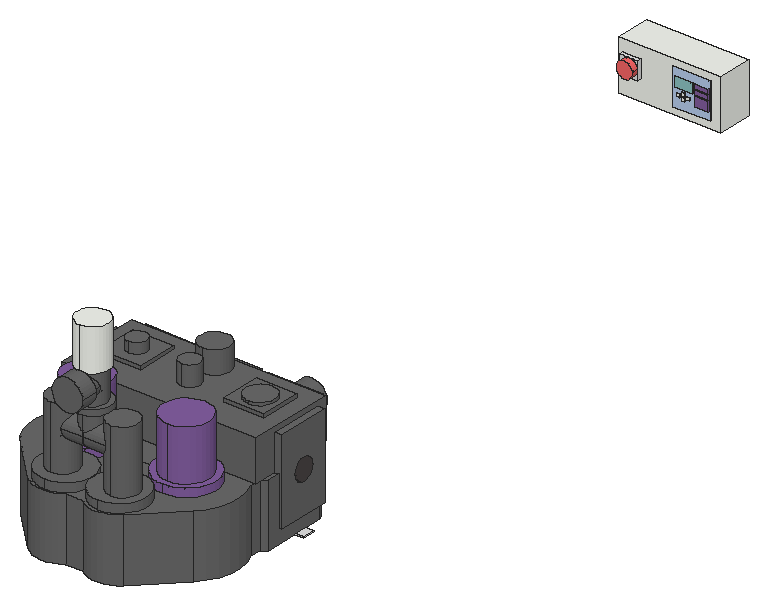
Revit family "28766", category Generic Models, Revit 2021
Family settings
  Can host rebar = No
  Round Connector Dimension = Use Diameter
  Part Type = Normal
  Work Plane-Based = No
  Always vertical = Yes
  Cut with Voids When Loaded = No
  Shared = Yes
  Room Calculation Point = No
Parameters (values of type "28766")
  SUPPLIER = "KESSEL"
  SA700ID50 = "intern"
  SA700ID49 = "Protection Class I"
  SA700ID48 = "no"
  SA700ID47 = "no"
  SA700ID46 = "yes"
  SA700ID37 = 8000 mm
  SA700ID34 = 40
  SA700ID33 = 1.4 W
  SA700ID32 = 79.00 kg
  SA700ID31 = 1
  SA700ID30 = 2
  SA700ID29 = "RWDR"
  SA700ID21 = 800
  SA700ID10 = "yes"
  SA700ID08 = 400 V
  PROCUREWEBLINK = "https://p.caden.as/kessel/28766"
  PROCURELINK = "p.caden.as/kessel/28766"
  PROCUREDATALASTUPDATE = "2024-05-22T12:18:08.412085143+01:00"
  PRC_SPECIFICATIONLINK = "https://ausschreiben.de/catalog/kessel/catalogItem/84d4d18d-e1f9-4f41-a58a-e49d15bceeb0"
  NN = "Lifting station Aqualift F"
  NBSYN = "$SA810ID03."
  NB = "28766"
  Model = "28766"
  Manufacturer = "KESSEL"
  MIdent = "{$CADENAS_DATA/23d-libs/kessel/kessel_vdi_import/4/entwaesserung/hebeanlage20aqualift20f.prj},198 {STYP=ASS},{VTYP=3D},{NB=28766},{LINA=28766},{NN=Lifting station Aqualift F},{DATE=21.11.2022 10:45:45},{GEOMDATE=21.11.2022 10:45:45},{VERSION=},{LINEID=260},{WBVAR=LODLEVEL},{WBNUMERIC=LODLEVEL}  {NB=28766},{LINA=28766},{KT=DUMMY},{PREVIEW=../../bilder/ksb_w_28766.png},{SA700ID04=Hebeanlage Aqualift F Duo, Comfort, SPF 1500-S3, Schieber},{SA810ID06=04026092054574},{SA700ID34=40.00},{SA010ID03=201805},{SA810ID03=28766},{SA810ID10=Die Hebeanlage für fäkalienhaltiges und fäkalienfreies Abwasser ist mit zwei überflutbaren Pumpen sowie einem Rückflussverhinderer ausgestattet. Der Sammelbehälter aus dauerhaft beständigem Kunststoff (PE) bietet universale Anschlussmöglichkeiten und hat eine verschraubte Reinigungsöffnung.Die Steuerung erfolgt durch ein anwenderfreundliches Schaltgerät, das optional über einen potentialfreien Kontakt in die Gebäudeleittechnik eingebunden werden oder Alarm- und Sammelstörmeldungen über eine GSM-Schnittstelle (Comfort Schaltgerät) ausgeben kann.Ausführung:Absperreinrichtung: Schieber aus KunststoffAnlagenart: DoppelanlagePumpensteuerung: SchaltgerätRückflussverhinderer: integriertSchalldämmmatte: jaEinbausituation: freie AufstellungAbwasserart: fäkalienhaltigAllgemeine Merkmale:Farbe: schwarzNorm: EN 12050-1Abmessungen:Länge: 773 mmBreite: 780 mmHöhe: 788 mmBehälter/Grundkörper:Zulauf Anzahl: 2 STZulauf Nennweite (DN): 100 mmZulauf Nennweite (DA): 110 mmZulauf max. Anbohrung (DN): 150 mmAbstand Rohrsohle Zulauf zu Behälterboden: 245 mmAbstand Rohrmitte Zulauf zu Behälterboden: 300 mmAnschluss für Handmembranpumpe (DN): 32Behältervolumen: 120 lDruckabgang: waagerechtDruckabgang (DA): 110 mmDruckabgang (DN): 100 mmEntlüftungsanschluss (DN): 70 mmNutzvolumen: 50 lFreier Kugeldurchgang: 40 mmFördereinrichtung:Pumpe: SPF 1500Anzahl Pumpen: 2Förderhöhe max.: 8 mFörderleistung max.: 40 m3/hBetriebsart: S3 - 50 %Leistung P1: 1,4 kWLeistung P2: 1,1 kWDrehzahl: 1.415 U/minFörderguttemperatur (dauerhaft) max.: 40 °CAnschlusstyp: DirektanschlussGewicht: 24 kgLaufrad Typ: FreistromradLänge Netzanschlussleitung Pumpe: 5 mNennstrom: 2,7 ASchutzart Pumpe: IP 68 (3m/48h)Schutzklasse: ITyp Anschlussleitung Pumpe: H07RN-F 7G 1,5 mm2Temperaturüberwachung: integriertSteuerung:Schaltgerät: ComfortBetriebsspannung: 400 VNetzfrequenz: 50 HzSelbstdiagnosesystem (SDS): jaBatteriepufferung: jaMehrzeilige Displayanzeige: jaLogbuchfunktion: jaGSM-Schnittstelle: jaPotentialfreier Kontakt: jaErforderliche Absicherung (Leitungsschutz): 3 x C 16 AMotorschutz Schalter: jaSchutzart Schaltgerät: IP 54Länge Netzanschlussleitung Schaltgerät: 0 mArt Niveauerfassung: pneumatischInstrument Niveauerfassung: Tauchrohr mit DruckwächterAlarmgeber: Tauchrohr},{SA700ID37=8.00},{SA700ID33=1.40},{SA700ID08=400},{SA700ID30=2},{SA700ID32=79.00},{SA700ID49=Schutzklasse I},{SA700ID50=intern},{SA200ID03=6},{SA250ID03=vertikal},{SA260ID03=Trockenläuferpumpe},{SA350ID03=normalansaugend},{SA400ID03=E-Motor für Drehstrom},{SA460ID03=direkt},{SA500ID03=Kunststoff, Edelstahl},{SA700ID06=100},{SA700ID07=100},{SA700ID09=3/N/PE 400V},{SA700ID10=Ja},{SA700ID11=50},{SA700ID12=IP 68},{SA700ID13=F},{SA700ID15=40},{SA700ID21=800.00},{SA700ID22=1.10},{SA700ID23=1415},{SA700ID24=1415},{SA700ID26=2.70},{SA700ID27=21.00},{SA700ID28=durchgehend},{SA700ID29=RWDR},{SA700ID31=1},{SA700ID46=ja},{SA700ID47=nein},{SA700ID48=nein},{SA110ID04=Hebeanlage Aqualift F},{SA300ID03=einstufig},{SA700ID44=10.00},{SA700ID45=10.00},{SA010ID04=KESSEL AG},{LODLEVEL=200},{LINK=https://www.kessel.de/info?han=28766},{SA970ID01=970},{SA970ID02=7097},{SA970ID03=28766},{SA970ID04=11002617},{SA970ID05=QUAD},{SA970ID06=-409.99},{SA970ID07=-686},{SA970ID08=0},{SA970ID09=1},{SA970ID10=0},{SA970ID11=0},{SA970ID12=0},{SA970ID13=1},{SA970ID14=0},{SA970ID15=819.99},{SA970ID16=851},{SA970ID17=798.99},{LODLEVEL_=200,'Low'},{LODLEVEL_DEU=200,'Low'},{LINK_=https://www.kessel.de/info?han=28766},{LINK_DEU=https://www.kessel.de/info?han=28766},{LODLEVEL_3DB=28766_200},{DNIN1=100},{DNIN2=70},{DNIN3=10},{DNIN4=10},{DNIN5=10},{DNIN6=50},{DNIN7=50},{DNIN8=50},{DNIN9=50},{DNOUT1=100},{DNOUT2=70},{DNOUT3=32},{ISDIN1=75},{ISDIN2=83.200},{ISDIN3=10},{ISDOUT1=60.000},{ISDOUT2=73.200},{ISDOUT3=75},{SA010ID01=010},{SA010ID02=4},{SA010ID06=www.kessel.de},{SA010ID07=www.kessel.de},{SA010ID12=20180713},{SA010ID13=DEU},{SA010ID14=DE},{SA100ID01=100},{SA100ID02=4},{SA100ID04=Entwässerung},{SA110ID01=110},{SA110ID02=4},{SA200ID01=200},{SA200ID02=6},{SA250ID01=250},{SA250ID02=2},{SA260ID01=260},{SA260ID02=2},{SA300ID01=300},{SA300ID02=1},{SA350ID01=350},{SA350ID02=1},{SA400ID01=400},{SA400ID02=2},{SA460ID01=460},{SA460ID02=1},{SA500ID01=500},{SA500ID02=1},{SA700ID01=700},{SA700ID02=25},{SA700ID10_=1},{SA700ID16=0},{SA700ID25=0},{SA700ID46_=1},{SA700ID47_=0},{SA700ID48_=0},{SA700ID49_=1},{SA700ID50_=2},{SA800ID01=800},{SA800ID02=25},{SA810ID01=810},{SA810ID02=25},{SA810ID04=28766},{SA810ID07=25},{SA810ID09=1},{SA810ID14=PCE},{SA810ID15=1},{SA810ID16=NMP},{SA960ID03=25},{SA960ID04=3L},{SA960ID08=https://www.kessel.de/info?han=28766},{SA010ID08=4026092000007},{SA100ID05=Hebeanlage},{SA110ID06=Hebeanlage}"
  LINK = "https://www.kessel.de/info?han=28766"
  LINA = "28766"
  Default Elevation = 0 mm
  CREATOR = "CADENAS GmbH"
  CATALOG = "KESSEL"
  BOMINFO = "LINA"
  ARTICLENO = "NB"
  4.810.00.9 Order quantity (multiplicator) = "1"
  4.810.00.7 Media- connection number = "25"
  4.810.00.6 GTIN number = "04026092054574"
  4.810.00.4 DATANORM number = "28766"
  4.810.00.3 Producer order number = "28766"
  4.710.03.7 Mass (net) = 79.00 kg
  4.710.03.6 Height = 788 mm
  4.710.03.5 Width = 780 mm
  4.710.03.4 Length = 773 mm
  4.710.03.3 Type of dimensions = "2"
  4.710.02.8 Area of application of wastewater pump = "1"
  4.710.02.7 Art des S2/S3-Betriebs = "50 %"
  4.710.02.6 Duty type = "S3"
  4.710.02.5 Cutting device = "0"
  4.710.02.4 Attached pump control = "1"
  4.710.02.3 Free passage = 40 mm
  4.710.01.6 Option to connect to building automation = "40"
  4.710.01.5 Load regulation = "0"
  4.710.01.4 Designation of closed-loop control = "50"
  4.710.01.3 Identifier for closed-loop control = "120"
  4.700.00.9 Voltage = 0
  4.700.00.8 Nominal connection size on suction side = "100"
  4.700.00.7 Nominal connection size on pressure side = "100"
  4.700.00.6 Type of connection = "100"
  4.700.00.4 Product indentification = "Hebeanlage Aqualift F Duo, Comfort, SPF 1500-S3, Schieber"
  4.700.00.28 Motor pump shaft = "durchgehend"
  4.700.00.27 Starting current = 21
  4.700.00.26 Maximum power consumption per pump / drive = 2.7
  4.700.00.25 Minimum speed at internal speed adjustment = 0
  4.700.00.24 Nominal speed / maximum speed n = 23.5833
  4.700.00.23 Nominal speed of motor = 23.5833
  4.700.00.22 Maximum shaft output (P2) per pump/drive = 1.1 W
  4.700.00.16 Maximum temperature of pumped medium = 0 °C
  4.700.00.15 Increased safety class = "40 °C"
  4.700.00.13 Type of protection = "F"
  4.700.00.12 Frequency = 0
  4.700.00.11 Stern-/Dreieck-Anlaufschaltung bei Dreiphasenanschluss oder Drehstrom = "50 Hz"
  4.700.00.10 Phase = "1"
  4.500.00.3 Variant / Variant type / Accessories-name = "Kunststoff, Edelstahl"
  4.460.00.3 Variant / Variant type / Accessories-name = "direkt"
  4.400.00.3 Variant / Variant type / Accessories-name = "E-Motor für Drehstrom"
  4.350.00.3 Variant / Variant type / Accessories-name = "normalansaugend"
  4.300.00.3 Variant / Variant type / Accessories-name = "einstufig"
  4.260.00.3 Variant / Variant type / Accessories-name = "Trockenläuferpumpe"
  4.250.00.3 Variant / Variant type / Accessories-name = "vertikal"
  4.200.00.3 Variant / Variant type / Accessories-name = "6"
  4.110.00.6 Product classification = "Hebeanlage"
  4.110.00.4 Product indentification = "Hebeanlage Aqualift F"
  4.100.00.5 Main groups of wares = "Hebeanlage"
  4.100.00.4 Product indentification = "Entwässerung"
  4.010.00.8 Producer ID number = "4026092000007"
  4.010.00.7 Comment = "www.kessel.de"
  4.010.00.6 Web address of the manufacturer = "www.kessel.de"
  4.010.00.4 Manufacturer name = "KESSEL AG"
  4.010.00.3 Date of issuance (month) of guideline = "201805"
  4.010.00.2 Sheet number of the guideline = "4"
  4.010.00.14 Kennungen der Projektländer, für die die Datei gültig ist = "DE"
  4.010.00.13 Sprache der Datei = "DEU"
  4.010.00.12 Stand des Herstellerkatalogs = "20180713"
Reference planes
  plane 1 "Center (Front/Back)": y = 0
  plane 2: z = 0
  plane 3 "Center (Left/Right)": x = 0
Forms (mm)
  Extrusion 1, void
    sketch origin (390.5, -74.999, 214) x (0, -1, 0) y (0, 0, 1)
      loop
        line (-0.5, -0.5) -> (0.5, -0.5) -> (0.5, 0.5) -> (-0.5, 0.5) -> (-0.5, -0.5)
    from 0 to 1
  Extrusion 2, void
    sketch origin (0.999, 95.5, 214) x (1, 0, 0) y (0, 0, 1)
      loop
        line (-0.5, -0.5) -> (0.5, -0.5) -> (0.5, 0.5) -> (-0.5, 0.5) -> (-0.5, -0.5)
    from 0 to 1
  Extrusion 3, void
    sketch origin (-230.25, 90.49, 214) x (1, 0, 0) y (0, 0, 1)
      loop
        line (-0.5, -0.5) -> (0.5, -0.5) -> (0.5, 0.5) -> (-0.5, 0.5) -> (-0.5, -0.5)
    from 0 to 1
  Extrusion 4, void
    sketch origin (-390.5, -75, 214) x (0, 1, 0) y (0, 0, 1)
      loop
        line (-0.5, -0.5) -> (0.5, -0.5) -> (0.5, 0.5) -> (-0.5, 0.5) -> (-0.5, -0.5)
    from 0 to 1
Dimensions and locks
  locked: plane 2 to Extrusion 1 at 214.5
  locked: plane 2 to Extrusion 1 at 213.5
  locked: plane 2 to Extrusion 2 at 214.5
  locked: plane 2 to Extrusion 2 at 213.5
  locked: plane 2 to Extrusion 3 at 214.5
  locked: plane 2 to Extrusion 3 at 213.5
  locked: plane 2 to Extrusion 4 at 214.5
  locked: plane 2 to Extrusion 4 at 213.5
  aligned and locked: level to plane 2
Nested families
  nested 1: "28766_content" at (0, 0, 0), type "28766_Content"
  nested 2: "28766_part1_X0Y0" at (1000, 1000, 1200), type "28766_PART1_X0Y0"
  nested 3: "28766_part2_X0Y0" at (0, 0, 0), type "28766_PART2_X0Y0"
Connectors
  electrical at (861, 933, 1201.5)
    settings: on nested 2, index 1, voltage 0 V, apparent load 0 VA, apparent load phase1 0 VA, apparent load phase2 0 VA, apparent load phase3 0 VA, power factor 1, load classification "Other", number of poles 1, system type 31, power factor state 1, is connector primary yes, connector utility no, sub classification motor no, connector description ""
  piping at (0, 0, 471), diameter 100
    settings: on nested 3, index 2, connector inside diameter 609.6 mm, connector length 0 mm, flow factor 0, pipe flow 0.0 L/s, pressure drop 0.0 Pa, fitting loss kfactor 0, connector angle 0.00°, fixture units 0, engagement length 0 mm, angle of deflection 0.00°, flow configuration 0, flow direction 1, fitting loss method 2, system type 29, joint type 0, gender type 0, connector reference index -1, connector utility 0, adjustable connector no, is connector primary yes, connector description ""
  piping at (390.5, -74.999, 214), diameter 70
    settings: on Extrusion 1, index 3, connector inside diameter 609.6 mm, connector length 0 mm, flow factor 0, pipe flow 0.0 L/s, pressure drop 0.0 Pa, fitting loss kfactor 0, connector angle 0.00°, fixture units 0, engagement length 0 mm, angle of deflection 0.00°, flow configuration 0, flow direction 0, fitting loss method 2, system type 29, joint type 0, gender type 0, connector reference index -1, connector utility 0, adjustable connector no, is connector primary no, connector description ""
  piping at (230, 164.99, 301), diameter 100
    settings: on nested 3, index 4, connector inside diameter 609.6 mm, connector length 0 mm, flow factor 0, pipe flow 0.0 L/s, pressure drop 0.0 Pa, fitting loss kfactor 0, connector angle 0.00°, fixture units 0, engagement length 0 mm, angle of deflection 0.00°, flow configuration 0, flow direction 1, fitting loss method 2, system type 29, joint type 0, gender type 0, connector reference index -1, connector utility 0, adjustable connector no, is connector primary no, connector description ""
  piping at (0.999, 95.5, 214), diameter 70
    settings: on Extrusion 2, index 5, connector inside diameter 609.6 mm, connector length 0 mm, flow factor 0, pipe flow 0.0 L/s, pressure drop 0.0 Pa, fitting loss kfactor 0, connector angle 0.00°, fixture units 0, engagement length 0 mm, angle of deflection 0.00°, flow configuration 0, flow direction 0, fitting loss method 2, system type 29, joint type 0, gender type 0, connector reference index -1, connector utility 0, adjustable connector no, is connector primary no, connector description ""
  piping at (-230.25, 90.49, 214), diameter 70
    settings: on Extrusion 3, index 6, connector inside diameter 609.6 mm, connector length 0 mm, flow factor 0, pipe flow 0.0 L/s, pressure drop 0.0 Pa, fitting loss kfactor 0, connector angle 0.00°, fixture units 0, engagement length 0 mm, angle of deflection 0.00°, flow configuration 0, flow direction 0, fitting loss method 2, system type 29, joint type 0, gender type 0, connector reference index -1, connector utility 0, adjustable connector no, is connector primary no, connector description ""
  piping at (-390.5, -75, 214), diameter 70
    settings: on Extrusion 4, index 7, connector inside diameter 609.6 mm, connector length 0 mm, flow factor 0, pipe flow 0.0 L/s, pressure drop 0.0 Pa, fitting loss kfactor 0, connector angle 0.00°, fixture units 0, engagement length 0 mm, angle of deflection 0.00°, flow configuration 0, flow direction 0, fitting loss method 2, system type 29, joint type 0, gender type 0, connector reference index -1, connector utility 0, adjustable connector no, is connector primary no, connector description ""
  piping at (0, -115, 461), diameter 70
    settings: on nested 3, index 8, connector inside diameter 609.6 mm, connector length 0 mm, flow factor 0, pipe flow 0.0 L/s, pressure drop 0.0 Pa, fitting loss kfactor 0, connector angle 0.00°, fixture units 0, engagement length 0 mm, angle of deflection 0.00°, flow configuration 0, flow direction 2, fitting loss method 2, system type 29, joint type 0, gender type 0, connector reference index -1, connector utility 0, adjustable connector no, is connector primary no, connector description ""
  piping at (230, 164.99, 81.07), diameter 32
    settings: on nested 3, index 9, connector inside diameter 609.6 mm, connector length 0 mm, flow factor 0, pipe flow 0.0 L/s, pressure drop 0.0 Pa, fitting loss kfactor 0, connector angle 0.00°, fixture units 0, engagement length 0 mm, angle of deflection 0.00°, flow configuration 0, flow direction 2, fitting loss method 2, system type 29, joint type 0, gender type 0, connector reference index -1, connector utility 0, adjustable connector no, is connector primary no, connector description ""
  piping at (0, -686, 591), diameter 100
    settings: on nested 3, index 10, connector inside diameter 609.6 mm, connector length 0 mm, flow factor 0, pipe flow 0.0 L/s, pressure drop 0.0 Pa, fitting loss kfactor 0, connector angle 0.00°, fixture units 0, engagement length 0 mm, angle of deflection 0.00°, flow configuration 0, flow direction 2, fitting loss method 2, system type 29, joint type 0, gender type 0, connector reference index -1, connector utility 0, adjustable connector no, is connector primary no, connector description ""
  electrical at (185, -365, 457)
    settings: on nested 3, index 11, voltage 0 V, apparent load 0 VA, apparent load phase1 0 VA, apparent load phase2 0 VA, apparent load phase3 0 VA, power factor 1, load classification "Other", number of poles 1, system type 31, power factor state 1, is connector primary no, connector utility no, sub classification motor no, connector description ""
  electrical at (-185, -364.75, 457)
    settings: on nested 3, index 12, voltage 0 V, apparent load 0 VA, apparent load phase1 0 VA, apparent load phase2 0 VA, apparent load phase3 0 VA, power factor 1, load classification "Other", number of poles 1, system type 31, power factor state 1, is connector primary no, connector utility no, sub classification motor no, connector description ""
  electrical at (-230.6, -74.8, 436.49)
    settings: on nested 3, index 13, voltage 0 V, apparent load 0 VA, apparent load phase1 0 VA, apparent load phase2 0 VA, apparent load phase3 0 VA, power factor 1, load classification "Other", number of poles 1, system type 31, power factor state 1, is connector primary no, connector utility no, sub classification motor no, connector description ""
Definition of nested family "28766_part1_X0Y0"
  Parameters (values of type "28766_PART1_X0Y0")
    SUPPLIER = "KESSEL"
    SA700ID50 = "intern"
    SA700ID49 = "Protection Class I"
    SA700ID48 = "no"
    SA700ID47 = "no"
    SA700ID46 = "yes"
    SA700ID37 = 8000 mm
    SA700ID34 = 40
    SA700ID33 = 1.4 W
    SA700ID32 = 79.00 kg
    SA700ID31 = 1
    SA700ID30 = 2
    SA700ID29 = "RWDR"
    SA700ID21 = 800
    SA700ID10 = "yes"
    SA700ID08 = 400 V
    NBSYN = "$SA810ID03._PART1"
    NB = "28766_PART1"
    Model = "28766_PART1"
    Manufacturer = "KESSEL"
    MIdent = "{$CADENAS_DATA/23d-libs/kessel/kessel_vdi_import/4/entwaesserung/hebeanlage20aqualift20f.prj},218 {VTYP=3D},{NB=28766_PART1},{LINA=28766_PART1},{NN=Lifting station Aqualift F_PART1},{NOPRJ=TRUE},{DATE=21.11.2022 10:45:45},{GEOMDATE=21.11.2022 10:45:45},{VERSION=},{LINEID=260},{WBVAR=LODLEVEL},{WBNUMERIC=LODLEVEL}  {NB=28766_PART1},{LINA=28766_PART1},{KT=DUMMY},{PREVIEW=../../bilder/ksb_w_28766.png},{SA700ID04=Hebeanlage Aqualift F Duo, Comfort, SPF 1500-S3, Schieber},{SA810ID06=04026092054574},{SA700ID34=40.00},{SA010ID03=201805},{SA810ID03=28766},{SA810ID10=Die Hebeanlage für fäkalienhaltiges und fäkalienfreies Abwasser ist mit zwei überflutbaren Pumpen sowie einem Rückflussverhinderer ausgestattet. Der Sammelbehälter aus dauerhaft beständigem Kunststoff (PE) bietet universale Anschlussmöglichkeiten und hat eine verschraubte Reinigungsöffnung.Die Steuerung erfolgt durch ein anwenderfreundliches Schaltgerät, das optional über einen potentialfreien Kontakt in die Gebäudeleittechnik eingebunden werden oder Alarm- und Sammelstörmeldungen über eine GSM-Schnittstelle (Comfort Schaltgerät) ausgeben kann.Ausführung:Absperreinrichtung: Schieber aus KunststoffAnlagenart: DoppelanlagePumpensteuerung: SchaltgerätRückflussverhinderer: integriertSchalldämmmatte: jaEinbausituation: freie AufstellungAbwasserart: fäkalienhaltigAllgemeine Merkmale:Farbe: schwarzNorm: EN 12050-1Abmessungen:Länge: 773 mmBreite: 780 mmHöhe: 788 mmBehälter/Grundkörper:Zulauf Anzahl: 2 STZulauf Nennweite (DN): 100 mmZulauf Nennweite (DA): 110 mmZulauf max. Anbohrung (DN): 150 mmAbstand Rohrsohle Zulauf zu Behälterboden: 245 mmAbstand Rohrmitte Zulauf zu Behälterboden: 300 mmAnschluss für Handmembranpumpe (DN): 32Behältervolumen: 120 lDruckabgang: waagerechtDruckabgang (DA): 110 mmDruckabgang (DN): 100 mmEntlüftungsanschluss (DN): 70 mmNutzvolumen: 50 lFreier Kugeldurchgang: 40 mmFördereinrichtung:Pumpe: SPF 1500Anzahl Pumpen: 2Förderhöhe max.: 8 mFörderleistung max.: 40 m3/hBetriebsart: S3 - 50 %Leistung P1: 1,4 kWLeistung P2: 1,1 kWDrehzahl: 1.415 U/minFörderguttemperatur (dauerhaft) max.: 40 °CAnschlusstyp: DirektanschlussGewicht: 24 kgLaufrad Typ: FreistromradLänge Netzanschlussleitung Pumpe: 5 mNennstrom: 2,7 ASchutzart Pumpe: IP 68 (3m/48h)Schutzklasse: ITyp Anschlussleitung Pumpe: H07RN-F 7G 1,5 mm2Temperaturüberwachung: integriertSteuerung:Schaltgerät: ComfortBetriebsspannung: 400 VNetzfrequenz: 50 HzSelbstdiagnosesystem (SDS): jaBatteriepufferung: jaMehrzeilige Displayanzeige: jaLogbuchfunktion: jaGSM-Schnittstelle: jaPotentialfreier Kontakt: jaErforderliche Absicherung (Leitungsschutz): 3 x C 16 AMotorschutz Schalter: jaSchutzart Schaltgerät: IP 54Länge Netzanschlussleitung Schaltgerät: 0 mArt Niveauerfassung: pneumatischInstrument Niveauerfassung: Tauchrohr mit DruckwächterAlarmgeber: Tauchrohr},{SA700ID37=8.00},{SA700ID33=1.40},{SA700ID08=400},{SA700ID30=2},{SA700ID32=79.00},{SA700ID49=Schutzklasse I},{SA700ID50=intern},{SA200ID03=6},{SA250ID03=vertikal},{SA260ID03=Trockenläuferpumpe},{SA350ID03=normalansaugend},{SA400ID03=E-Motor für Drehstrom},{SA460ID03=direkt},{SA500ID03=Kunststoff, Edelstahl},{SA700ID06=100},{SA700ID07=100},{SA700ID09=3/N/PE 400V},{SA700ID10=Ja},{SA700ID11=50},{SA700ID12=IP 68},{SA700ID13=F},{SA700ID15=40},{SA700ID21=800.00},{SA700ID22=1.10},{SA700ID23=1415},{SA700ID24=1415},{SA700ID26=2.70},{SA700ID27=21.00},{SA700ID28=durchgehend},{SA700ID29=RWDR},{SA700ID31=1},{SA700ID46=ja},{SA700ID47=nein},{SA700ID48=nein},{SA110ID04=Hebeanlage Aqualift F},{SA300ID03=einstufig},{SA700ID44=10.00},{SA700ID45=10.00},{SA010ID04=KESSEL AG},{LODLEVEL=200},{LINK=https://www.kessel.de/info?han=28766},{SA970ID01=970},{SA970ID02=7097},{SA970ID03=28766},{SA970ID04=11002617},{SA970ID05=QUAD},{SA970ID06=-409.99},{SA970ID07=-686},{SA970ID08=0},{SA970ID09=1},{SA970ID10=0},{SA970ID11=0},{SA970ID12=0},{SA970ID13=1},{SA970ID14=0},{SA970ID15=819.99},{SA970ID16=851},{SA970ID17=798.99},{LODLEVEL_=200,'Low'},{LODLEVEL_DEU=200,'Low'},{LINK_=https://www.kessel.de/info?han=28766},{LINK_DEU=https://www.kessel.de/info?han=28766},{LODLEVEL_3DB=28766_200},{DNIN1=100},{DNIN2=70},{DNIN3=10},{DNIN4=10},{DNIN5=10},{DNIN6=50},{DNIN7=50},{DNIN8=50},{DNIN9=50},{DNOUT1=100},{DNOUT2=70},{DNOUT3=32},{ISDIN1=75},{ISDIN2=83.200},{ISDIN3=10},{ISDOUT1=60.000},{ISDOUT2=73.200},{ISDOUT3=75},{SA010ID01=010},{SA010ID02=4},{SA010ID06=www.kessel.de},{SA010ID07=www.kessel.de},{SA010ID12=20180713},{SA010ID13=DEU},{SA010ID14=DE},{SA100ID01=100},{SA100ID02=4},{SA100ID04=Entwässerung},{SA110ID01=110},{SA110ID02=4},{SA200ID01=200},{SA200ID02=6},{SA250ID01=250},{SA250ID02=2},{SA260ID01=260},{SA260ID02=2},{SA300ID01=300},{SA300ID02=1},{SA350ID01=350},{SA350ID02=1},{SA400ID01=400},{SA400ID02=2},{SA460ID01=460},{SA460ID02=1},{SA500ID01=500},{SA500ID02=1},{SA700ID01=700},{SA700ID02=25},{SA700ID10_=1},{SA700ID16=0},{SA700ID25=0},{SA700ID46_=1},{SA700ID47_=0},{SA700ID48_=0},{SA700ID49_=1},{SA700ID50_=2},{SA800ID01=800},{SA800ID02=25},{SA810ID01=810},{SA810ID02=25},{SA810ID04=28766},{SA810ID07=25},{SA810ID09=1},{SA810ID14=PCE},{SA810ID15=1},{SA810ID16=NMP},{SA960ID03=25},{SA960ID04=3L},{SA960ID08=https://www.kessel.de/info?han=28766},{SA010ID08=4026092000007},{SA100ID05=Hebeanlage},{SA110ID06=Hebeanlage}"
    LINK = "https://www.kessel.de/info?han=28766"
    LINA = "28766_PART1"
    Default Elevation = 1219.2 mm
    CREATOR = "CADENAS GmbH"
    CATALOG = "KESSEL"
    BOMINFO = "LINA"
    ARTICLENO = "NB"
    4.810.00.9 Order quantity (multiplicator) = "1"
    4.810.00.7 Media- connection number = "25"
    4.810.00.6 GTIN number = "04026092054574"
    4.810.00.4 DATANORM number = "28766"
    4.810.00.3 Producer order number = "28766"
    4.710.03.7 Mass (net) = 79.00 kg
    4.710.03.6 Height = 788 mm
    4.710.03.5 Width = 780 mm
    4.710.03.4 Length = 773 mm
    4.710.03.3 Type of dimensions = "2"
    4.710.02.8 Area of application of wastewater pump = "1"
    4.710.02.7 Art des S2/S3-Betriebs = "50 %"
    4.710.02.6 Duty type = "S3"
    4.710.02.5 Cutting device = "0"
    4.710.02.4 Attached pump control = "1"
    4.710.02.3 Free passage = 40 mm
    4.710.01.6 Option to connect to building automation = "40"
    4.710.01.5 Load regulation = "0"
    4.710.01.4 Designation of closed-loop control = "50"
    4.710.01.3 Identifier for closed-loop control = "120"
    4.700.00.9 Voltage = 0
    4.700.00.8 Nominal connection size on suction side = "100"
    4.700.00.7 Nominal connection size on pressure side = "100"
    4.700.00.6 Type of connection = "100"
    4.700.00.4 Product indentification = "Hebeanlage Aqualift F Duo, Comfort, SPF 1500-S3, Schieber"
    4.700.00.28 Motor pump shaft = "durchgehend"
    4.700.00.27 Starting current = 21
    4.700.00.26 Maximum power consumption per pump / drive = 2.7
    4.700.00.25 Minimum speed at internal speed adjustment = 0
    4.700.00.24 Nominal speed / maximum speed n = 23.5833
    4.700.00.23 Nominal speed of motor = 23.5833
    4.700.00.22 Maximum shaft output (P2) per pump/drive = 1.1 W
    4.700.00.16 Maximum temperature of pumped medium = 0 °C
    4.700.00.15 Increased safety class = "40 °C"
    4.700.00.13 Type of protection = "F"
    4.700.00.12 Frequency = 0
    4.700.00.11 Stern-/Dreieck-Anlaufschaltung bei Dreiphasenanschluss oder Drehstrom = "50 Hz"
    4.700.00.10 Phase = "1"
    4.500.00.3 Variant / Variant type / Accessories-name = "Kunststoff, Edelstahl"
    4.460.00.3 Variant / Variant type / Accessories-name = "direkt"
    4.400.00.3 Variant / Variant type / Accessories-name = "E-Motor für Drehstrom"
    4.350.00.3 Variant / Variant type / Accessories-name = "normalansaugend"
    4.300.00.3 Variant / Variant type / Accessories-name = "einstufig"
    4.260.00.3 Variant / Variant type / Accessories-name = "Trockenläuferpumpe"
    4.250.00.3 Variant / Variant type / Accessories-name = "vertikal"
    4.200.00.3 Variant / Variant type / Accessories-name = "6"
    4.110.00.6 Product classification = "Hebeanlage"
    4.110.00.4 Product indentification = "Hebeanlage Aqualift F"
    4.100.00.5 Main groups of wares = "Hebeanlage"
    4.100.00.4 Product indentification = "Entwässerung"
    4.010.00.8 Producer ID number = "4026092000007"
    4.010.00.7 Comment = "www.kessel.de"
    4.010.00.6 Web address of the manufacturer = "www.kessel.de"
    4.010.00.4 Manufacturer name = "KESSEL AG"
    4.010.00.3 Date of issuance (month) of guideline = "201805"
    4.010.00.2 Sheet number of the guideline = "4"
    4.010.00.14 Kennungen der Projektländer, für die die Datei gültig ist = "DE"
    4.010.00.13 Sprache der Datei = "DEU"
    4.010.00.12 Stand des Herstellerkatalogs = "20180713"
  Reference planes
    plane 1 "Center (Front/Back)": y = 0
    plane 2: z = 0
    plane 3 "Center (Left/Right)": x = 0
  Dimensions and locks
    aligned and locked: level to plane 2
  Nested families
    nested 1: "28766_part1_content" at (0, 0, 0), type "28766_PART1_Content"
  Definition of nested family "28766_part1_content"
    Parameters (values of type "28766_PART1_Content")
      SUPPLIER = "KESSEL"
      SA700ID50 = "intern"
      SA700ID49 = "Protection Class I"
      SA700ID48 = "no"
      SA700ID47 = "no"
      SA700ID46 = "yes"
      SA700ID37 = 8000 mm
      SA700ID34 = 40
      SA700ID33 = 1.4 W
      SA700ID32 = 79.00 kg
      SA700ID31 = 1
      SA700ID30 = 2
      SA700ID29 = "RWDR"
      SA700ID21 = 800
      SA700ID10 = "yes"
      SA700ID08 = 400 V
      NBSYN = "$SA810ID03._PART1"
      NB = "28766_PART1"
      Model = "28766_PART1"
      Manufacturer = "KESSEL"
      LINK = "https://www.kessel.de/info?han=28766"
      LINA = "28766_PART1"
      Default Elevation = 1219.2 mm
      CREATOR = "CADENAS GmbH"
      CATALOG = "KESSEL"
      BOMINFO = "LINA"
      ARTICLENO = "NB"
      4.810.00.9 Order quantity (multiplicator) = "1"
      4.810.00.7 Media- connection number = "25"
      4.810.00.6 GTIN number = "04026092054574"
      4.810.00.4 DATANORM number = "28766"
      4.810.00.3 Producer order number = "28766"
      4.710.03.7 Mass (net) = 79.00 kg
      4.710.03.6 Height = 788 mm
      4.710.03.5 Width = 780 mm
      4.710.03.4 Length = 773 mm
      4.710.03.3 Type of dimensions = "2"
      4.710.02.8 Area of application of wastewater pump = "1"
      4.710.02.7 Art des S2/S3-Betriebs = "50 %"
      4.710.02.6 Duty type = "S3"
      4.710.02.5 Cutting device = "0"
      4.710.02.4 Attached pump control = "1"
      4.710.02.3 Free passage = 40 mm
      4.710.01.6 Option to connect to building automation = "40"
      4.710.01.5 Load regulation = "0"
      4.710.01.4 Designation of closed-loop control = "50"
      4.710.01.3 Identifier for closed-loop control = "120"
      4.700.00.9 Voltage = 0
      4.700.00.8 Nominal connection size on suction side = "100"
      4.700.00.7 Nominal connection size on pressure side = "100"
      4.700.00.6 Type of connection = "100"
      4.700.00.4 Product indentification = "Hebeanlage Aqualift F Duo, Comfort, SPF 1500-S3, Schieber"
      4.700.00.28 Motor pump shaft = "durchgehend"
      4.700.00.27 Starting current = 21
      4.700.00.26 Maximum power consumption per pump / drive = 2.7
      4.700.00.25 Minimum speed at internal speed adjustment = 0
      4.700.00.24 Nominal speed / maximum speed n = 23.5833
      4.700.00.23 Nominal speed of motor = 23.5833
      4.700.00.22 Maximum shaft output (P2) per pump/drive = 1.1 W
      4.700.00.16 Maximum temperature of pumped medium = 0 °C
      4.700.00.15 Increased safety class = "40 °C"
      4.700.00.13 Type of protection = "F"
      4.700.00.12 Frequency = 0
      4.700.00.11 Stern-/Dreieck-Anlaufschaltung bei Dreiphasenanschluss oder Drehstrom = "50 Hz"
      4.700.00.10 Phase = "1"
      4.500.00.3 Variant / Variant type / Accessories-name = "Kunststoff, Edelstahl"
      4.460.00.3 Variant / Variant type / Accessories-name = "direkt"
      4.400.00.3 Variant / Variant type / Accessories-name = "E-Motor für Drehstrom"
      4.350.00.3 Variant / Variant type / Accessories-name = "normalansaugend"
      4.300.00.3 Variant / Variant type / Accessories-name = "einstufig"
      4.260.00.3 Variant / Variant type / Accessories-name = "Trockenläuferpumpe"
      4.250.00.3 Variant / Variant type / Accessories-name = "vertikal"
      4.200.00.3 Variant / Variant type / Accessories-name = "6"
      4.110.00.6 Product classification = "Hebeanlage"
      4.110.00.4 Product indentification = "Hebeanlage Aqualift F"
      4.100.00.5 Main groups of wares = "Hebeanlage"
      4.100.00.4 Product indentification = "Entwässerung"
      4.010.00.8 Producer ID number = "4026092000007"
      4.010.00.7 Comment = "www.kessel.de"
      4.010.00.6 Web address of the manufacturer = "www.kessel.de"
      4.010.00.4 Manufacturer name = "KESSEL AG"
      4.010.00.3 Date of issuance (month) of guideline = "201805"
      4.010.00.2 Sheet number of the guideline = "4"
      4.010.00.14 Kennungen der Projektländer, für die die Datei gültig ist = "DE"
      4.010.00.13 Sprache der Datei = "DEU"
      4.010.00.12 Stand des Herstellerkatalogs = "20180713"
    Reference planes
      plane 1 "Center (Front/Back)": y = 0
      plane 2: z = 0
      plane 3 "Center (Left/Right)": x = 0
    Forms (mm)
      Extrusion 1, solid, detail levels medium+fine
        sketch origin (189.25, -1.75, 0.2) x (0, -1, 0) y (0, 0, 1)
          loop
            line (0, 187.8) -> (0, 0) -> (127.75, 0) -> (127.75, 187.8) -> (0, 187.8)
        from 0 to 378.5
      Extrusion 2, solid, detail levels medium+fine
        sketch origin (-4, -67, 0) x (0, 1, 0) y (-1, 0, 0)
          loop
            circle (0, 0) r 12.5
        from 0 to 1.5
      Extrusion 3, solid, detail levels medium+fine
        sketch origin (150.8, -129.5, 26.5) x (0, -1, 0) y (0, 0, 1)
          loop
            line (-1.2, 134.8) -> (-1.2, 0) -> (0.25, 0) -> (0.25, 134.8) -> (-1.2, 134.8)
        from 0 to 139.9
      Extrusion 4, solid, detail levels medium+fine
        sketch origin (72.55, -129.75, 66) x (0, -1, 0) y (0, 0, 1)
          loop
            line (-1, 12) -> (-1, 0) -> (0.5, 0) -> (0.5, 12) -> (-1, 12)
        from 0 to 12
      Extrusion 5, solid, detail levels medium+fine
        sketch origin (84.45, -129.75, 93.4) x (0, -1, 0) y (0, 0, 1)
          loop
            line (-1, 37) -> (-1, 0) -> (0.5, 0) -> (0.5, 37) -> (-1, 37)
        from 0 to 66
      Extrusion 6, solid, detail levels medium+fine
        sketch origin (55.3, -129.75, 74) x (0, -1, 0) y (0, 0, 1)
          loop
            line (-1, 12) -> (-1, 0) -> (0.5, 0) -> (0.5, 12) -> (-1, 12)
        from 0 to 12
      Extrusion 7, solid, detail levels medium+fine
        sketch origin (143.3, -129.75, 94.4) x (0, -1, 0) y (0, 0, 1)
          loop
            line (0, 16) -> (0, 0) -> (1.75, 0) -> (1.75, 16) -> (0, 16)
        from 0 to 51
      Extrusion 8, solid, detail levels medium+fine
        sketch origin (143.3, -129.75, 54.4) x (0, -1, 0) y (0, 0, 1)
          loop
            line (0, 36) -> (0, 0) -> (1.75, 0) -> (1.75, 36) -> (0, 36)
        from 0 to 51
      Extrusion 9, solid, detail levels medium+fine
        sketch origin (55.3, -129.75, 57.5) x (0, -1, 0) y (0, 0, 1)
          loop
            line (-1, 12) -> (-1, 0) -> (0.5, 0) -> (0.5, 12) -> (-1, 12)
        from 0 to 12
      Extrusion 10, solid, detail levels medium+fine
        sketch origin (143.3, -129.75, 114.4) x (0, -1, 0) y (0, 0, 1)
          loop
            line (0, 16) -> (0, 0) -> (1.75, 0) -> (1.75, 16) -> (0, 16)
        from 0 to 51
      Extrusion 11, solid, detail levels medium+fine
        sketch origin (38.05, -129.75, 66) x (0, -1, 0) y (0, 0, 1)
          loop
            line (-1, 12) -> (-1, 0) -> (0.5, 0) -> (0.5, 12) -> (-1, 12)
        from 0 to 12
      Extrusion 12, solid, detail levels medium+fine
        sketch origin (47, -72, 0) x (0, 1, 0) y (-1, 0, 0)
          loop
            circle (0, 0) r 8
        from 0 to 1.5
      Extrusion 13, solid, detail levels medium+fine
        sketch origin (47, -42, 0) x (0, 1, 0) y (-1, 0, 0)
          loop
            circle (0, 0) r 5.25
        from 0 to 1.5
      Extrusion 14, solid, detail levels medium+fine
        sketch origin (77, -72, 0) x (0, 1, 0) y (-1, 0, 0)
          loop
            circle (0, 0) r 8
        from 0 to 1.5
      Extrusion 15, solid, detail levels medium+fine
        sketch origin (-94, -67, 0) x (0, 1, 0) y (-1, 0, 0)
          loop
            circle (0, 0) r 12.5
        from 0 to 1.5
      Extrusion 16, solid, detail levels medium+fine
        sketch origin (92, -42, 0) x (0, 1, 0) y (-1, 0, 0)
          loop
            circle (0, 0) r 8
        from 0 to 1.5
      Extrusion 17, solid, detail levels medium+fine
        sketch origin (107, -72, 0) x (0, 1, 0) y (-1, 0, 0)
          loop
            circle (0, 0) r 8
        from 0 to 1.5
      Extrusion 18, solid, detail levels medium+fine
        sketch origin (122, -42, 0) x (0, 1, 0) y (-1, 0, 0)
          loop
            circle (0, 0) r 8
        from 0 to 1.5
      Extrusion 19, solid, detail levels medium+fine
        sketch origin (-107.7, -129.5, 76.9) x (0, -1, 0) y (0, 0, 1)
          loop
            line (0, 67) -> (0, 0) -> (14, 0) -> (14, 67) -> (0, 67)
        from 0 to 67
      Extrusion 20, solid, detail levels medium+fine
        sketch origin (-141.2, -143.5, 110.4) x (1, 0, 0) y (0, 0, 1)
          loop
            circle (0, 0) r 30
        from 0 to 22
      Extrusion 21, solid, detail levels medium+fine
        sketch origin (127, -15, 0) x (0, 1, 0) y (-1, 0, 0)
          loop
            circle (0, 0) r 6
        from 0 to 1.5
      Extrusion 22, solid, detail levels medium+fine
        sketch origin (137, -72, 0) x (0, 1, 0) y (-1, 0, 0)
          loop
            circle (0, 0) r 8
        from 0 to 1.5
      Extrusion 23, solid, detail levels medium+fine
        sketch origin (-139, -67, 0) x (0, 1, 0) y (-1, 0, 0)
          loop
            circle (0, 0) r 12.5
        from 0 to 1.5
      Extrusion 24, solid, detail levels medium+fine
        sketch origin (152, -42, 0) x (0, 1, 0) y (-1, 0, 0)
          loop
            circle (0, 0) r 8
        from 0 to 1.5
      Extrusion 25, solid, detail levels coarse
        sketch origin (0, -83.625, 0) x (1, 0, 0) y (0, 1, 0)
          loop
            line (-189.25, -81.875) -> (189.25, -81.875) -> (189.25, 81.875) -> (-189.25, 81.875) -> (-189.25, -81.875)
        from 0 to 188
    Dimensions and locks
      aligned and locked: level to plane 2
Definition of nested family "28766_part2_X0Y0"
  Parameters (values of type "28766_PART2_X0Y0")
    SUPPLIER = "KESSEL"
    SA700ID50 = "intern"
    SA700ID49 = "Protection Class I"
    SA700ID48 = "no"
    SA700ID47 = "no"
    SA700ID46 = "yes"
    SA700ID37 = 8000 mm
    SA700ID34 = 40
    SA700ID33 = 1.4 W
    SA700ID32 = 79.00 kg
    SA700ID31 = 1
    SA700ID30 = 2
    SA700ID29 = "RWDR"
    SA700ID21 = 800
    SA700ID10 = "yes"
    SA700ID08 = 400 V
    NBSYN = "$SA810ID03._PART2"
    NB = "28766_PART2"
    Model = "28766_PART2"
    Manufacturer = "KESSEL"
    MIdent = "{$CADENAS_DATA/23d-libs/kessel/kessel_vdi_import/4/entwaesserung/hebeanlage20aqualift20f.prj},218 {VTYP=3D},{NB=28766_PART2},{LINA=28766_PART2},{NN=Lifting station Aqualift F_PART2},{NOPRJ=TRUE},{DATE=21.11.2022 10:45:45},{GEOMDATE=21.11.2022 10:45:45},{VERSION=},{LINEID=260},{WBVAR=LODLEVEL},{WBNUMERIC=LODLEVEL}  {NB=28766_PART2},{LINA=28766_PART2},{KT=DUMMY},{PREVIEW=../../bilder/ksb_w_28766.png},{SA700ID04=Hebeanlage Aqualift F Duo, Comfort, SPF 1500-S3, Schieber},{SA810ID06=04026092054574},{SA700ID34=40.00},{SA010ID03=201805},{SA810ID03=28766},{SA810ID10=Die Hebeanlage für fäkalienhaltiges und fäkalienfreies Abwasser ist mit zwei überflutbaren Pumpen sowie einem Rückflussverhinderer ausgestattet. Der Sammelbehälter aus dauerhaft beständigem Kunststoff (PE) bietet universale Anschlussmöglichkeiten und hat eine verschraubte Reinigungsöffnung.Die Steuerung erfolgt durch ein anwenderfreundliches Schaltgerät, das optional über einen potentialfreien Kontakt in die Gebäudeleittechnik eingebunden werden oder Alarm- und Sammelstörmeldungen über eine GSM-Schnittstelle (Comfort Schaltgerät) ausgeben kann.Ausführung:Absperreinrichtung: Schieber aus KunststoffAnlagenart: DoppelanlagePumpensteuerung: SchaltgerätRückflussverhinderer: integriertSchalldämmmatte: jaEinbausituation: freie AufstellungAbwasserart: fäkalienhaltigAllgemeine Merkmale:Farbe: schwarzNorm: EN 12050-1Abmessungen:Länge: 773 mmBreite: 780 mmHöhe: 788 mmBehälter/Grundkörper:Zulauf Anzahl: 2 STZulauf Nennweite (DN): 100 mmZulauf Nennweite (DA): 110 mmZulauf max. Anbohrung (DN): 150 mmAbstand Rohrsohle Zulauf zu Behälterboden: 245 mmAbstand Rohrmitte Zulauf zu Behälterboden: 300 mmAnschluss für Handmembranpumpe (DN): 32Behältervolumen: 120 lDruckabgang: waagerechtDruckabgang (DA): 110 mmDruckabgang (DN): 100 mmEntlüftungsanschluss (DN): 70 mmNutzvolumen: 50 lFreier Kugeldurchgang: 40 mmFördereinrichtung:Pumpe: SPF 1500Anzahl Pumpen: 2Förderhöhe max.: 8 mFörderleistung max.: 40 m3/hBetriebsart: S3 - 50 %Leistung P1: 1,4 kWLeistung P2: 1,1 kWDrehzahl: 1.415 U/minFörderguttemperatur (dauerhaft) max.: 40 °CAnschlusstyp: DirektanschlussGewicht: 24 kgLaufrad Typ: FreistromradLänge Netzanschlussleitung Pumpe: 5 mNennstrom: 2,7 ASchutzart Pumpe: IP 68 (3m/48h)Schutzklasse: ITyp Anschlussleitung Pumpe: H07RN-F 7G 1,5 mm2Temperaturüberwachung: integriertSteuerung:Schaltgerät: ComfortBetriebsspannung: 400 VNetzfrequenz: 50 HzSelbstdiagnosesystem (SDS): jaBatteriepufferung: jaMehrzeilige Displayanzeige: jaLogbuchfunktion: jaGSM-Schnittstelle: jaPotentialfreier Kontakt: jaErforderliche Absicherung (Leitungsschutz): 3 x C 16 AMotorschutz Schalter: jaSchutzart Schaltgerät: IP 54Länge Netzanschlussleitung Schaltgerät: 0 mArt Niveauerfassung: pneumatischInstrument Niveauerfassung: Tauchrohr mit DruckwächterAlarmgeber: Tauchrohr},{SA700ID37=8.00},{SA700ID33=1.40},{SA700ID08=400},{SA700ID30=2},{SA700ID32=79.00},{SA700ID49=Schutzklasse I},{SA700ID50=intern},{SA200ID03=6},{SA250ID03=vertikal},{SA260ID03=Trockenläuferpumpe},{SA350ID03=normalansaugend},{SA400ID03=E-Motor für Drehstrom},{SA460ID03=direkt},{SA500ID03=Kunststoff, Edelstahl},{SA700ID06=100},{SA700ID07=100},{SA700ID09=3/N/PE 400V},{SA700ID10=Ja},{SA700ID11=50},{SA700ID12=IP 68},{SA700ID13=F},{SA700ID15=40},{SA700ID21=800.00},{SA700ID22=1.10},{SA700ID23=1415},{SA700ID24=1415},{SA700ID26=2.70},{SA700ID27=21.00},{SA700ID28=durchgehend},{SA700ID29=RWDR},{SA700ID31=1},{SA700ID46=ja},{SA700ID47=nein},{SA700ID48=nein},{SA110ID04=Hebeanlage Aqualift F},{SA300ID03=einstufig},{SA700ID44=10.00},{SA700ID45=10.00},{SA010ID04=KESSEL AG},{LODLEVEL=200},{LINK=https://www.kessel.de/info?han=28766},{SA970ID01=970},{SA970ID02=7097},{SA970ID03=28766},{SA970ID04=11002617},{SA970ID05=QUAD},{SA970ID06=-409.99},{SA970ID07=-686},{SA970ID08=0},{SA970ID09=1},{SA970ID10=0},{SA970ID11=0},{SA970ID12=0},{SA970ID13=1},{SA970ID14=0},{SA970ID15=819.99},{SA970ID16=851},{SA970ID17=798.99},{LODLEVEL_=200,'Low'},{LODLEVEL_DEU=200,'Low'},{LINK_=https://www.kessel.de/info?han=28766},{LINK_DEU=https://www.kessel.de/info?han=28766},{LODLEVEL_3DB=28766_200},{DNIN1=100},{DNIN2=70},{DNIN3=10},{DNIN4=10},{DNIN5=10},{DNIN6=50},{DNIN7=50},{DNIN8=50},{DNIN9=50},{DNOUT1=100},{DNOUT2=70},{DNOUT3=32},{ISDIN1=75},{ISDIN2=83.200},{ISDIN3=10},{ISDOUT1=60.000},{ISDOUT2=73.200},{ISDOUT3=75},{SA010ID01=010},{SA010ID02=4},{SA010ID06=www.kessel.de},{SA010ID07=www.kessel.de},{SA010ID12=20180713},{SA010ID13=DEU},{SA010ID14=DE},{SA100ID01=100},{SA100ID02=4},{SA100ID04=Entwässerung},{SA110ID01=110},{SA110ID02=4},{SA200ID01=200},{SA200ID02=6},{SA250ID01=250},{SA250ID02=2},{SA260ID01=260},{SA260ID02=2},{SA300ID01=300},{SA300ID02=1},{SA350ID01=350},{SA350ID02=1},{SA400ID01=400},{SA400ID02=2},{SA460ID01=460},{SA460ID02=1},{SA500ID01=500},{SA500ID02=1},{SA700ID01=700},{SA700ID02=25},{SA700ID10_=1},{SA700ID16=0},{SA700ID25=0},{SA700ID46_=1},{SA700ID47_=0},{SA700ID48_=0},{SA700ID49_=1},{SA700ID50_=2},{SA800ID01=800},{SA800ID02=25},{SA810ID01=810},{SA810ID02=25},{SA810ID04=28766},{SA810ID07=25},{SA810ID09=1},{SA810ID14=PCE},{SA810ID15=1},{SA810ID16=NMP},{SA960ID03=25},{SA960ID04=3L},{SA960ID08=https://www.kessel.de/info?han=28766},{SA010ID08=4026092000007},{SA100ID05=Hebeanlage},{SA110ID06=Hebeanlage}"
    LINK = "https://www.kessel.de/info?han=28766"
    LINA = "28766_PART2"
    Default Elevation = 1219.2 mm
    CREATOR = "CADENAS GmbH"
    CATALOG = "KESSEL"
    BOMINFO = "LINA"
    ARTICLENO = "NB"
    4.810.00.9 Order quantity (multiplicator) = "1"
    4.810.00.7 Media- connection number = "25"
    4.810.00.6 GTIN number = "04026092054574"
    4.810.00.4 DATANORM number = "28766"
    4.810.00.3 Producer order number = "28766"
    4.710.03.7 Mass (net) = 79.00 kg
    4.710.03.6 Height = 788 mm
    4.710.03.5 Width = 780 mm
    4.710.03.4 Length = 773 mm
    4.710.03.3 Type of dimensions = "2"
    4.710.02.8 Area of application of wastewater pump = "1"
    4.710.02.7 Art des S2/S3-Betriebs = "50 %"
    4.710.02.6 Duty type = "S3"
    4.710.02.5 Cutting device = "0"
    4.710.02.4 Attached pump control = "1"
    4.710.02.3 Free passage = 40 mm
    4.710.01.6 Option to connect to building automation = "40"
    4.710.01.5 Load regulation = "0"
    4.710.01.4 Designation of closed-loop control = "50"
    4.710.01.3 Identifier for closed-loop control = "120"
    4.700.00.9 Voltage = 0
    4.700.00.8 Nominal connection size on suction side = "100"
    4.700.00.7 Nominal connection size on pressure side = "100"
    4.700.00.6 Type of connection = "100"
    4.700.00.4 Product indentification = "Hebeanlage Aqualift F Duo, Comfort, SPF 1500-S3, Schieber"
    4.700.00.28 Motor pump shaft = "durchgehend"
    4.700.00.27 Starting current = 21
    4.700.00.26 Maximum power consumption per pump / drive = 2.7
    4.700.00.25 Minimum speed at internal speed adjustment = 0
    4.700.00.24 Nominal speed / maximum speed n = 23.5833
    4.700.00.23 Nominal speed of motor = 23.5833
    4.700.00.22 Maximum shaft output (P2) per pump/drive = 1.1 W
    4.700.00.16 Maximum temperature of pumped medium = 0 °C
    4.700.00.15 Increased safety class = "40 °C"
    4.700.00.13 Type of protection = "F"
    4.700.00.12 Frequency = 0
    4.700.00.11 Stern-/Dreieck-Anlaufschaltung bei Dreiphasenanschluss oder Drehstrom = "50 Hz"
    4.700.00.10 Phase = "1"
    4.500.00.3 Variant / Variant type / Accessories-name = "Kunststoff, Edelstahl"
    4.460.00.3 Variant / Variant type / Accessories-name = "direkt"
    4.400.00.3 Variant / Variant type / Accessories-name = "E-Motor für Drehstrom"
    4.350.00.3 Variant / Variant type / Accessories-name = "normalansaugend"
    4.300.00.3 Variant / Variant type / Accessories-name = "einstufig"
    4.260.00.3 Variant / Variant type / Accessories-name = "Trockenläuferpumpe"
    4.250.00.3 Variant / Variant type / Accessories-name = "vertikal"
    4.200.00.3 Variant / Variant type / Accessories-name = "6"
    4.110.00.6 Product classification = "Hebeanlage"
    4.110.00.4 Product indentification = "Hebeanlage Aqualift F"
    4.100.00.5 Main groups of wares = "Hebeanlage"
    4.100.00.4 Product indentification = "Entwässerung"
    4.010.00.8 Producer ID number = "4026092000007"
    4.010.00.7 Comment = "www.kessel.de"
    4.010.00.6 Web address of the manufacturer = "www.kessel.de"
    4.010.00.4 Manufacturer name = "KESSEL AG"
    4.010.00.3 Date of issuance (month) of guideline = "201805"
    4.010.00.2 Sheet number of the guideline = "4"
    4.010.00.14 Kennungen der Projektländer, für die die Datei gültig ist = "DE"
    4.010.00.13 Sprache der Datei = "DEU"
    4.010.00.12 Stand des Herstellerkatalogs = "20180713"
  Reference planes
    plane 1 "Center (Front/Back)": y = 0
    plane 2: z = 0
    plane 3 "Center (Left/Right)": x = 0
  Dimensions and locks
    aligned and locked: level to plane 2
  Nested families
    nested 1: "28766_part2_content" at (0, 0, 0), type "28766_PART2_Content"
  Definition of nested family "28766_part2_content"
    Parameters (values of type "28766_PART2_Content")
      SUPPLIER = "KESSEL"
      SA700ID50 = "intern"
      SA700ID49 = "Protection Class I"
      SA700ID48 = "no"
      SA700ID47 = "no"
      SA700ID46 = "yes"
      SA700ID37 = 8000 mm
      SA700ID34 = 40
      SA700ID33 = 1.4 W
      SA700ID32 = 79.00 kg
      SA700ID31 = 1
      SA700ID30 = 2
      SA700ID29 = "RWDR"
      SA700ID21 = 800
      SA700ID10 = "yes"
      SA700ID08 = 400 V
      NBSYN = "$SA810ID03._PART2"
      NB = "28766_PART2"
      Model = "28766_PART2"
      Manufacturer = "KESSEL"
      LINK = "https://www.kessel.de/info?han=28766"
      LINA = "28766_PART2"
      Default Elevation = 1219.2 mm
      CREATOR = "CADENAS GmbH"
      CATALOG = "KESSEL"
      BOMINFO = "LINA"
      ARTICLENO = "NB"
      4.810.00.9 Order quantity (multiplicator) = "1"
      4.810.00.7 Media- connection number = "25"
      4.810.00.6 GTIN number = "04026092054574"
      4.810.00.4 DATANORM number = "28766"
      4.810.00.3 Producer order number = "28766"
      4.710.03.7 Mass (net) = 79.00 kg
      4.710.03.6 Height = 788 mm
      4.710.03.5 Width = 780 mm
      4.710.03.4 Length = 773 mm
      4.710.03.3 Type of dimensions = "2"
      4.710.02.8 Area of application of wastewater pump = "1"
      4.710.02.7 Art des S2/S3-Betriebs = "50 %"
      4.710.02.6 Duty type = "S3"
      4.710.02.5 Cutting device = "0"
      4.710.02.4 Attached pump control = "1"
      4.710.02.3 Free passage = 40 mm
      4.710.01.6 Option to connect to building automation = "40"
      4.710.01.5 Load regulation = "0"
      4.710.01.4 Designation of closed-loop control = "50"
      4.710.01.3 Identifier for closed-loop control = "120"
      4.700.00.9 Voltage = 0
      4.700.00.8 Nominal connection size on suction side = "100"
      4.700.00.7 Nominal connection size on pressure side = "100"
      4.700.00.6 Type of connection = "100"
      4.700.00.4 Product indentification = "Hebeanlage Aqualift F Duo, Comfort, SPF 1500-S3, Schieber"
      4.700.00.28 Motor pump shaft = "durchgehend"
      4.700.00.27 Starting current = 21
      4.700.00.26 Maximum power consumption per pump / drive = 2.7
      4.700.00.25 Minimum speed at internal speed adjustment = 0
      4.700.00.24 Nominal speed / maximum speed n = 23.5833
      4.700.00.23 Nominal speed of motor = 23.5833
      4.700.00.22 Maximum shaft output (P2) per pump/drive = 1.1 W
      4.700.00.16 Maximum temperature of pumped medium = 0 °C
      4.700.00.15 Increased safety class = "40 °C"
      4.700.00.13 Type of protection = "F"
      4.700.00.12 Frequency = 0
      4.700.00.11 Stern-/Dreieck-Anlaufschaltung bei Dreiphasenanschluss oder Drehstrom = "50 Hz"
      4.700.00.10 Phase = "1"
      4.500.00.3 Variant / Variant type / Accessories-name = "Kunststoff, Edelstahl"
      4.460.00.3 Variant / Variant type / Accessories-name = "direkt"
      4.400.00.3 Variant / Variant type / Accessories-name = "E-Motor für Drehstrom"
      4.350.00.3 Variant / Variant type / Accessories-name = "normalansaugend"
      4.300.00.3 Variant / Variant type / Accessories-name = "einstufig"
      4.260.00.3 Variant / Variant type / Accessories-name = "Trockenläuferpumpe"
      4.250.00.3 Variant / Variant type / Accessories-name = "vertikal"
      4.200.00.3 Variant / Variant type / Accessories-name = "6"
      4.110.00.6 Product classification = "Hebeanlage"
      4.110.00.4 Product indentification = "Hebeanlage Aqualift F"
      4.100.00.5 Main groups of wares = "Hebeanlage"
      4.100.00.4 Product indentification = "Entwässerung"
      4.010.00.8 Producer ID number = "4026092000007"
      4.010.00.7 Comment = "www.kessel.de"
      4.010.00.6 Web address of the manufacturer = "www.kessel.de"
      4.010.00.4 Manufacturer name = "KESSEL AG"
      4.010.00.3 Date of issuance (month) of guideline = "201805"
      4.010.00.2 Sheet number of the guideline = "4"
      4.010.00.14 Kennungen der Projektländer, für die die Datei gültig ist = "DE"
      4.010.00.13 Sprache der Datei = "DEU"
      4.010.00.12 Stand des Herstellerkatalogs = "20180713"
    Reference planes
      plane 1 "Center (Front/Back)": y = 0
      plane 2: z = 0
      plane 3 "Center (Left/Right)": x = 0
    Forms (mm)
      Extrusion 1, solid, detail levels medium+fine
        sketch origin (0, -568, 643.8) x (0, 1, 0) y (-1, 0, 0)
          loop
            circle (0, 0) r 58.5
        from 0 to 155.2
      Extrusion 2, solid, detail levels medium+fine
        sketch origin (0, -568, 528) x (0, 1, 0) y (-1, 0, 0)
          loop
            circle (0, 0) r 48
        from 0 to 115.8
      Extrusion 3, solid, detail levels medium+fine
        sketch origin (0, -568, 591) x (1, 0, 0) y (0, 0, 1)
          loop
            circle (0, 0) r 43
        from 0 to 58
      Extrusion 4, solid, detail levels medium+fine
        sketch origin (0, -626, 591) x (1, 0, 0) y (0, 0, 1)
          loop
            circle (0, 0) r 57
        from 0 to 60
      Extrusion 5, solid, detail levels medium+fine
        sketch origin (0, -568, 507) x (0, 1, 0) y (-1, 0, 0)
          loop
            circle (0, 0) r 67
        from 0 to 21
      Extrusion 6, solid, detail levels medium+fine
        sketch origin (0, -568, 420) x (0, 1, 0) y (-1, 0, 0)
          loop
            circle (0, 0) r 45
        from 0 to 87
      Extrusion 7, solid, detail levels medium+fine
        sketch origin (0, -568, 420) x (0, 1, 0) y (0, 0, 1)
          loop
            circle (0, 0) r 48.5
        from 0 to 112
      Extrusion 8, solid, detail levels medium+fine
        sketch origin (112, -568, 268) x (0, 1, 0) y (-1, 0, 0)
          loop
            circle (0, 0) r 56
        from 0 to 234
      Extrusion 9, solid, detail levels medium+fine
        sketch origin (0, -568, 420) x (0, -1, 0) y (0, 0, 1)
          loop
            circle (0, 0) r 48.5
        from 0 to 112
      Extrusion 10, solid, detail levels medium+fine
        sketch origin (-112, -568, 268) x (0, -1, 0) y (1, 0, 0)
          loop
            circle (0, 0) r 56
        from 0 to 234
      Extrusion 11, solid, detail levels medium+fine
        sketch origin (100, -568, 236) x (0, 1, 0) y (-1, 0, 0)
          loop
            circle (0, 0) r 100
        from 0 to 32
      Extrusion 12, solid, detail levels medium+fine
        sketch origin (100, -568, 236) x (0, 1, 0) y (-1, 0, 0)
          loop
            line (0, 0) -> (200, 0) -> (200, 200) -> (0, 200) -> (0, 0)
        from 0 to 1.5
      Extrusion 13, solid, detail levels medium+fine
        sketch origin (-100, -568, 236) x (0, -1, 0) y (1, 0, 0)
          loop
            circle (0, 0) r 100.1
        from 0 to 32
      Extrusion 14, solid, detail levels medium+fine
        sketch origin (185, -365, 236) x (0, 1, 0) y (-1, 0, 0)
          loop
            circle (0, 0) r 110
        from 0 to 30
      Extrusion 15, solid, detail levels medium+fine
        sketch origin (185, -365, 266) x (0, 1, 0) y (-1, 0, 0)
          loop
            circle (0, 0) r 86
        from 0 to 191
      Extrusion 16, solid, detail levels medium+fine
        sketch origin (-185, -364.75, 236) x (0, 1, 0) y (-1, 0, 0)
          loop
            circle (0, 0) r 110
        from 0 to 30
      Extrusion 17, solid, detail levels medium+fine
        sketch origin (-185, -364.75, 266) x (0, 1, 0) y (-1, 0, 0)
          loop
            circle (0, 0) r 86
        from 0 to 191
      Extrusion 18, solid, detail levels medium+fine
        sketch origin (0, -568, 1) x (1, 0, 0) y (0, 1, 0)
          loop
            arc (-359.63, 289.09) -> (-377.037, 171.688) -> (-322.8, 66.12) r 193.985
            line (-322.8, 66.12) -> (-178.896, -77.784)
            arc (-178.896, -77.784) -> (-106.491, -109.869) -> (-31.3, -85) r 109.994
            line (-31.3, -85) -> (30.05, -85)
            arc (30.05, -85) -> (105.241, -109.869) -> (177.646, -77.784) r 109.994
            line (177.646, -77.784) -> (321.55, 66.12)
            arc (321.55, 66.12) -> (375.787, 171.688) -> (358.38, 289.09) r 193.985
            line (358.38, 289.09) -> (358.38, 329.14)
            arc (358.38, 329.14) -> (369.106, 336.803) -> (377.46, 347) r 50.072
            line (377.46, 347) -> (377.46, 585.43)
            arc (377.46, 585.43) -> (354.513, 616.507) -> (321.5, 636.57) r 100.023
            line (321.5, 636.57) -> (-322.75, 636.57)
            arc (-322.75, 636.57) -> (-355.763, 616.507) -> (-378.71, 585.43) r 100.023
            line (-378.71, 585.43) -> (-378.71, 347)
            arc (-378.71, 347) -> (-370.356, 336.803) -> (-359.63, 329.14) r 50.072
            line (-359.63, 329.14) -> (-359.63, 289.09)
        from 0 to 235
      Extrusion 19, solid, detail levels medium+fine
        sketch origin (-360.5, -261.1, 236) x (0, 1, 0) y (0, 0, 1)
          loop
            line (0, 151.8) -> (0, 0) -> (325.6, 0) -> (325.6, 151.8) -> (0, 151.8)
        from 0 to 722
      Extrusion 20, solid, detail levels medium+fine
        sketch origin (0, -115, 387.8) x (0, 1, 0) y (-1, 0, 0)
          loop
            circle (0, 0) r 37.5
        from 0 to 73.2
      Extrusion 21, solid, detail levels medium+fine
        sketch origin (0, 0, 387.8) x (0, 1, 0) y (-1, 0, 0)
          loop
            circle (0, 0) r 55
        from 0 to 83.2
      Extrusion 22, solid, detail levels medium+fine
        sketch origin (-100, 64.3, 75.8) x (0, 1, 0) y (0, 0, 1)
          loop
            line (0, 295) -> (0, 0) -> (30.8, 0) -> (30.8, 295) -> (0, 295)
        from 0 to 200
      Extrusion 23, solid, detail levels medium+fine
        sketch origin (0.999, 95, 214) x (1, 0, 0) y (0, 0, -1)
          loop
            circle (0, 0) r 40
        from 0 to 1.5
      Extrusion 24, solid, detail levels medium+fine
        sketch origin (305.4, 2.2, 387.8) x (0, -1, 0) y (0, 0, 1)
          loop
            line (0, 12.2) -> (0, 0) -> (154, 0) -> (154, 12.2) -> (0, 12.2)
        from 0 to 152
      Extrusion 25, solid, detail levels medium+fine
        sketch origin (229.4, -74.8, 399.99) x (0, 1, 0) y (-1, 0, 0)
          loop
            circle (0, 0) r 55
        from 0 to 9
      Extrusion 26, solid, detail levels medium+fine
        sketch origin (-154.6, 2.2, 387.8) x (0, -1, 0) y (0, 0, 1)
          loop
            line (0, 12.2) -> (0, 0) -> (154, 0) -> (154, 12.2) -> (0, 12.2)
        from 0 to 152
      Extrusion 27, solid, detail levels medium+fine
        sketch origin (-230.6, -74.8, 399.99) x (0, 1, 0) y (-1, 0, 0)
          loop
            circle (0, 0) r 36
        from 0 to 36.5
      Extrusion 28, solid, detail levels medium+fine
        sketch origin (130, 64.5, 55.8) x (0, 1, 0) y (0, 0, 1)
          loop
            line (0, 315) -> (0, 0) -> (25.5, 0) -> (25.5, 315) -> (0, 315)
        from 0 to 200
      Extrusion 29, solid, detail levels medium+fine
        sketch origin (230, 89.99, 301) x (-1, 0, 0) y (0, 0, 1)
          loop
            circle (0, 0) r 55
        from 0 to 75
      Extrusion 30, solid, detail levels medium+fine
        sketch origin (230, 89.99, 81.07) x (-1, 0, 0) y (0, 0, 1)
          loop
            circle (0, 0) r 20
        from 0 to 75
      Extrusion 31, solid, detail levels medium+fine
        sketch origin (-330.3, 64.5, 56) x (0, 1, 0) y (0, 0, 1)
          loop
            line (0, 315) -> (0, 0) -> (25.5, 0) -> (25.5, 315) -> (0, 315)
        from 0 to 200
      Extrusion 32, solid, detail levels medium+fine
        sketch origin (-230.25, 89.99, 214) x (1, 0, 0) y (0, 0, -1)
          loop
            circle (0, 0) r 40
        from 0 to 1.5
      Extrusion 33, solid, detail levels medium+fine
        sketch origin (361.5, -175, 56) x (0, 1, 0) y (0, 0, 1)
          loop
            line (0, 315) -> (0, 0) -> (200, 0) -> (200, 315) -> (0, 315)
        from 0 to 28.5
      Extrusion 34, solid, detail levels medium+fine
        sketch origin (390, -74.999, 214) x (0, -1, 0) y (0, 0, -1)
          loop
            circle (0, 0) r 40
        from 0 to 1.5
      Extrusion 35, solid, detail levels medium+fine
        sketch origin (-390, -175, 56) x (0, 1, 0) y (0, 0, 1)
          loop
            line (0, 315) -> (0, 0) -> (200, 0) -> (200, 315) -> (0, 315)
        from 0 to 29.5
      Extrusion 36, solid, detail levels medium+fine
        sketch origin (-390, -75, 214) x (0, 1, 0) y (0, 0, -1)
          loop
            circle (0, 0) r 40
        from 0 to 1.5
      Extrusion 37, solid, detail levels medium+fine
        sketch origin (-378.5, -52.33, 0) x (0, -1, 0) y (0, 0, 1)
          loop
            line (0, 5) -> (0, 0) -> (45, 0) -> (45, 5) -> (0, 5)
        from 0 to 31.5
      Extrusion 38, solid, detail levels medium+fine
        sketch origin (377.3, -97.33, 0) x (0, 1, 0) y (0, 0, 1)
          loop
            line (0, 5) -> (0, 0) -> (45, 0) -> (45, 5) -> (0, 5)
        from 0 to 32.5
      Extrusion 39, solid, detail levels coarse
        sketch origin (-0.1, -260.505, 0) x (1, 0, 0) y (0, 1, 0)
          loop
            line (-409.9, -425.495) -> (409.9, -425.495) -> (409.9, 425.495) -> (-409.9, 425.495) -> (-409.9, -425.495)
        from 0 to 799
    Dimensions and locks
      aligned and locked: level to plane 2
